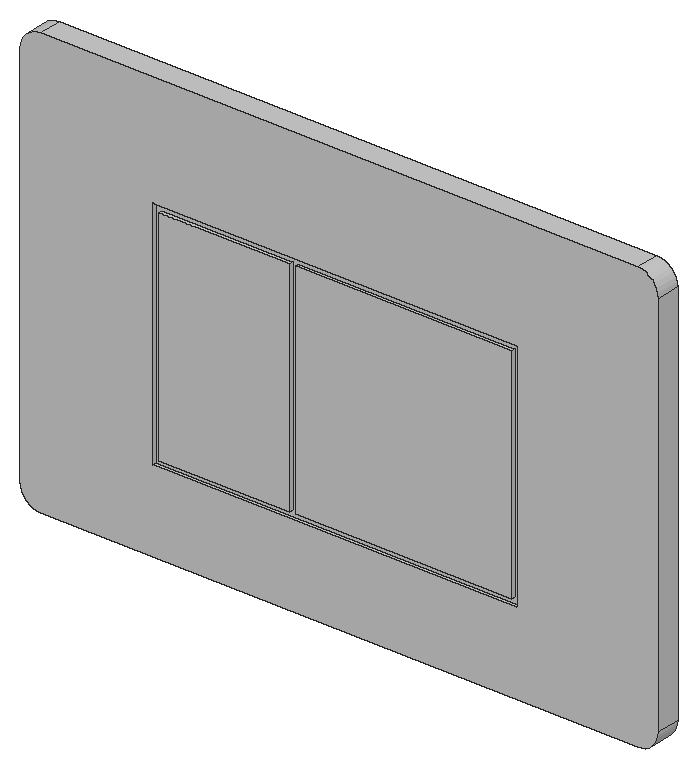
Revit family "DTCC0005", category Generic Models, Revit 2017
Family settings
  Can host rebar = No
  Round Connector Dimension = Use Diameter
  Part Type = Normal
  Work Plane-Based = No
  Always vertical = Yes
  Cut with Voids When Loaded = No
  Shared = No
  Room Calculation Point = No
Parameters
  Website = "https://dolphy.in/"  # constant formula
  Contact Number = "+91 9520202035"  # constant formula
  Contact Email = "info@dolphy.in"  # constant formula
  Company Name = "Dolphy India"  # constant formula
Reference planes
  plane 1 "Center (Front/Back)": y = 0
  plane 2: z = 0
  plane 3 "Center (Left/Right)": x = 0
Forms (mm)
  Extrusion 1, solid, material "Silver"
    sketch origin (0, 0, -1050) x (1, 0, 0) y (0, 0, 1)
      loop
        line (114.5, 1215) -> (-114.502, 1215)
        arc (-114.502, 1215) -> (-120.157, 1212.657) -> (-122.5, 1207.002) r 7.998
        line (-122.5, 1207.002) -> (-122.5, 1058.017)
        arc (-122.5, 1058.017) -> (-120.152, 1052.348) -> (-114.483, 1050) r 8.017
        line (-114.483, 1050) -> (114.549, 1050)
        arc (114.549, 1050) -> (120.171, 1052.329) -> (122.5, 1057.951) r 7.951
        line (122.5, 1057.951) -> (122.5, 1207)
        arc (122.5, 1207) -> (120.157, 1212.657) -> (114.5, 1215) r 8
    from -9 to 0
  Extrusion 2, void
    sketch origin (0, 0, -1050) x (1, 0, 0) y (0, 0, 1)
      loop
        line (-71.555, 1171.588) -> (-71.555, 1081.588) -> (68.445, 1081.588) -> (68.445, 1171.588) -> (-71.555, 1171.588)
      loop
        line (-69.151, 1169.188) -> (-69.151, 1083.988) -> (-19.151, 1083.988) -> (-19.151, 1169.188) -> (-69.151, 1169.188)
      loop
        line (66.045, 1169.188) -> (-16.751, 1169.188) -> (-16.751, 1083.988) -> (66.045, 1083.988) -> (66.045, 1169.188)
    from 0 to -1.5
  Extrusion 3, solid, material "Silver"
    sketch origin (0, 0, -1050) x (1, 0, 0) y (0, 0, 1)
      loop
        line (-69.151, 1169.188) -> (-69.151, 1083.988) -> (-19.151, 1083.988) -> (-19.151, 1169.188) -> (-69.151, 1169.188)
      loop
        line (-16.751, 1083.988) -> (66.045, 1083.988) -> (66.045, 1169.188) -> (-16.751, 1169.188) -> (-16.751, 1083.988)
    from 0 to -25
Cuts and joins
  Extrusion 2 cuts Extrusion 1
Dimensions and locks
  aligned and locked: level to plane 2
  aligned and locked: Extrusion 3 sketch curve to cut or joined group of Extrusion 1, Extrusion 2  (x8)
